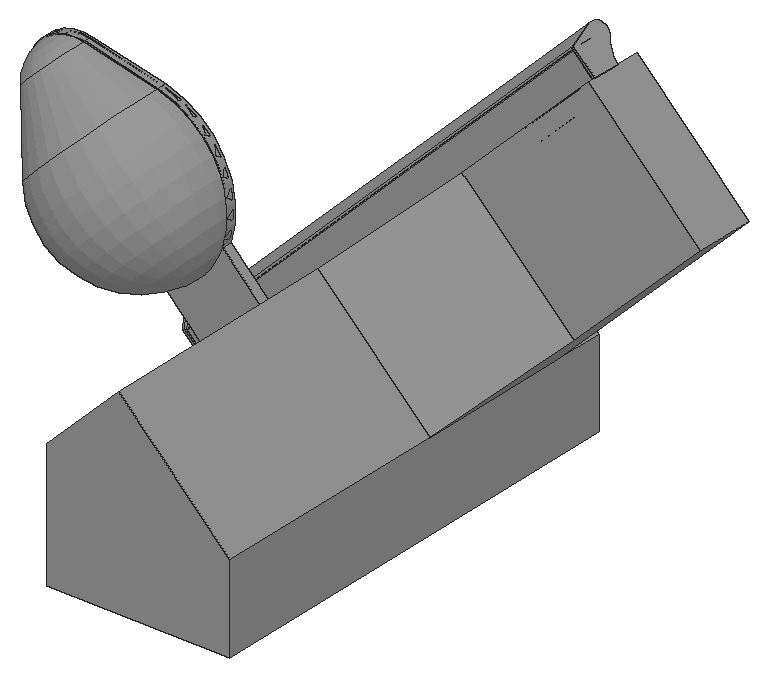
Revit family "Combination-Willoughby-ECW-1545-L-OF", category Plumbing Fixtures, Revit 2015
Parameters (values of type "Standard")
  Waste DIA [instance] = 2 3/8"
  Waste Connection = yes
  Waste-RAD [instance] = Waste DIA / 2  # 0' - 1 3/16"
  URL = "https://www.willoughby-ind.com/wp-content/uploads/2017/09/1545.pdf"
  Type Comments = ""
  Revision = "A"
  Flush Inlet Connection = yes
  Model = "ECW-1545-L-OF-1.6"
  Manufacturer = "Willoughby Industries"
  Left = yes
  Lav Waste DIA [instance] = 1 1/2"
  LAV Waste-RAD [instance] = Lav Waste DIA / 2  # 0' - 0 3/4"
  HW Connection = no
  Flush inlet DIA [instance] = 1 1/2"
  Flush Inlet-RAD [instance] = Flush inlet DIA / 2  # 0' - 0 3/4"
  Fixture Body = Stainless Steel AISI 304-Willoughby
  Description = "1545 Left Hand Orientation, Wall toilet waste outlet, Off floor mounted, 1.6 GPF"
  Default Elevation = 0' - 0"
  Contact Number = "(800) 428-4065"
  CW Connection = no
Reference planes (in)
  plane 1 "Center (Front/Back)": y = -16.25
  plane 2: z = 0
  plane 3 "Waste CL": x = 0
  plane 4 "Base": y = -16.25
  plane 5 "Seat height": y = 1.75
  plane 6 "Waste Hieght": y = -4.75
  plane 7 "Lwaste ht": y = 8
  plane 8 "flush inlet HT": y = 4.25
  plane 9 "Waste center": x = 0
  plane 10 "Fixture Height": y = 21.75
  plane 11: through (-5.56326, 0, 8.31174) normal (0.7071, 0, 0.7071)
  plane 12: through (-18.88655, 0, 21.63503) normal (0.7071, 0, 0.7071)
  plane 13: through (-11.21677, 0, 22.4617) normal (-0.7071, 0, 0.7071)
  plane 14: through (-17.12138, 0, 16.55709) normal (-0.7071, 0, 0.7071)
  plane 15: through (1.5625, 0, 6.3125) normal (0.7071, 0, -0.7071)
  plane 16: y = 16.75
  plane 17: y = 16.75
  plane 18 "Flush Inlet": x = 3.50178
  plane 19 "Center/LAV Waste": x = -1.37322
  plane 20: x = 6.12678
  plane 21: x = -8.87322
  plane 22 "Waste": x = -0.37322
Forms (in)
  Extrusion 1, solid, material "Stainless Steel AISI 304-Willoughby" <- "Fixture Body"
    sketch origin (1.68458, 10.5, 3.33616) x (-0.707107, 0, -0.707107) y (0.707107, 0, -0.707107)
      loop
        line (2.73402, -12.45225) -> (-3.39098, -12.45225) -> (-3.39098, -16.56851)
        arc (-3.39098, -16.56851) -> (-7.03711, -20.86448) -> (-6.33638, -26.45542) r 7
        line (-6.33638, -26.45542) -> (-3.2944, -31.31054)
        arc (-3.2944, -31.31054) -> (-0.32848, -32.95225) -> (2.63745, -31.31054) r 3.5
        line (2.63745, -31.31054) -> (5.67942, -26.45542)
        arc (5.67942, -26.45542) -> (6.38016, -20.86448) -> (2.73402, -16.56851) r 7
        line (2.73402, -16.56851) -> (2.73402, -12.45225)
      loop
        arc (3.91366, -24.70557) -> (-0.32848, -18.23804) -> (-4.57061, -24.70557) r 4.625
        line (-4.57061, -24.70557) -> (-2.16748, -30.23842)
        arc (-2.16748, -30.23842) -> (-0.32848, -31.45225) -> (1.51053, -30.23842) r 2
        line (1.51053, -30.23842) -> (3.91366, -24.70557)
    from 8.75 to 9.5
  Revolve 2, solid, material "Stainless Steel AISI 304-Willoughby" <- "Fixture Body", visible <- "Left"
    sketch origin (0.35963, 1.5, 6.62718) x (-0.707107, 0, -0.707107) y (0.707107, 0, -0.707107)
      loop
        line (1.06174, -12.59906) -> (1.06174, -12.84906)
        arc (1.06174, -12.84906) -> (6.96784, -16.33096) -> (6.78077, -23.18447) r 6.75
        line (6.78077, -23.18447) -> (3.81535, -27.91457)
        arc (3.81535, -27.91457) -> (2.63527, -29.03194) -> (1.06174, -29.43826) r 3.25
        line (1.06174, -29.43826) -> (1.06174, -29.68826)
        arc (1.06174, -29.68826) -> (2.75672, -29.25045) -> (4.02767, -28.04656) r 3.5
        line (4.02767, -28.04656) -> (7.06964, -23.19143)
        arc (7.06964, -23.19143) -> (7.15052, -16.14555) -> (1.06174, -12.59906) r 7
      axis (1.06174, -12.59906) -> (1.06174, -29.68826)
    angle from 0 to -180
  Extrusion 3, solid, material "Stainless Steel AISI 304-Willoughby" <- "Fixture Body"
    sketch origin (0, 21.75, -8.22682) x (1, 0, 0) y (0, 0, 1)
      loop
        line (4.35089, 8.22682) -> (4.35089, 14.86886) -> (-4.13526, 23.35501) -> (-19.26346, 8.22682) -> (4.35089, 8.22682)
    from 0 to 8
  Extrusion 4, solid, material "Stainless Steel AISI 304-Willoughby" <- "Fixture Body"
    sketch origin (-14.57379, 17.75, 0.36891) x (1, 0, 0) y (0, 0, 1)
      loop
        line (33.4941, 20.84255) -> (25.00882, 29.32784) -> (10.4394, 14.75842) -> (18.92468, 6.27313) -> (33.4941, 20.84255)
      loop
        arc (25.93339, 27.1733) -> (25.22628, 27.46619) -> (24.51917, 27.1733) r 1
        line (24.51917, 27.1733) -> (14.52755, 17.18168)
        arc (14.52755, 17.18168) -> (14.23466, 16.47457) -> (14.52755, 15.76747) r 1
        line (14.52755, 15.76747) -> (19.88229, 10.41273)
        arc (19.88229, 10.41273) -> (20.5894, 10.11984) -> (21.29651, 10.41273) r 1
        line (21.29651, 10.41273) -> (31.28812, 20.40435)
        arc (31.28812, 20.40435) -> (31.58102, 21.11145) -> (31.28812, 21.81856) r 1
        line (31.28812, 21.81856) -> (25.93339, 27.1733)
    from 0 to 4
  Extrusion 5, solid, material "Stainless Steel AISI 304-Willoughby" <- "Fixture Body"
    sketch origin (0, 15.25, 5.38846) x (1, 0, 0) y (0, 0, 1)
      loop
        line (-9.58406, -5.38846) -> (4.35089, -5.38846) -> (4.35089, 1.25359) -> (-4.13439, 9.73887) -> (-4.7227, 9.15056) -> (-9.05373, 4.81953) -> (-9.58406, 4.2892) -> (-9.58406, -5.38846)
    from 1.5 to 28.5
  Extrusion 6, solid, material "Stainless Steel AISI 304-Willoughby" <- "Fixture Body"
    sketch origin (-12.34107, 46.33187, 6.92065) x (0, 1, 0) y (0.707107, 0, 0.707107)
      loop
        line (-32.58187, 11.60599) -> (-32.58187, 32.21026) -> (-33.08187, 32.21026) -> (-34.30788, 19.96026) -> (-40.60327, 11.60599) -> (-32.58187, 11.60599)
    from 0 to 12
  Extrusion 7, solid, material "Stainless Steel AISI 304-Willoughby" <- "Fixture Body"
    sketch origin (1.14448, 0.08175, 0) x (1, 0, 0) y (0, 1, 0)
      loop
        circle (-3.29359, -4.83175) r 1.1875
    from 0 to -3
  Extrusion 8, solid, material "Stainless Steel AISI 304-Willoughby" <- "Fixture Body"
    sketch origin (0, 0, 0) x (1, 0, 0) y (0, 1, 0)
      loop
        circle (-2.61659, 8) r 0.75
    from -3 to 1
  Extrusion 9, solid, material "Stainless Steel AISI 304-Willoughby" <- "Fixture Body"
    sketch origin (-13.99064, -32.65143, -5.27282) x (0, 1, 0) y (-0.707107, 0, 0.707107)
      loop
        line (50.50143, 7.45689) -> (50.50143, 9.7067)
        arc (50.50143, 9.7067) -> (49.48517, 11.24673) -> (47.66956, 10.91802) r 1.675
        line (47.66956, 10.91802) -> (46.40143, 9.70689) -> (46.40143, 7.45689) -> (50.50143, 7.45689)
    from 0 to 0.25
  Extrusion 10, solid, material "Stainless Steel AISI 304-Willoughby" <- "Fixture Body"
    sketch origin (27.44804, -0.074, 12.33018) x (0, 1, 0) y (-0.707107, 0, 0.707107)
      loop
        arc (16.79803, 26.04907) -> (16.88129, 26.96339) -> (16.01706, 27.27326) r 0.75001
        line (16.01706, 27.27326) -> (13.87902, 26.57803) -> (13.87902, 24.31003) -> (15.99202, 24.31003)
        arc (15.99202, 24.31003) -> (16.25673, 25.24365) -> (16.79803, 26.04907) r 3.089
    from 0 to 0.25
  Sweep 11, solid, material "Stainless Steel AISI 304-Willoughby" <- "Fixture Body"
    path origin (0, 16.68413, 5.38672) x (1, 0, 0) y (0, 0, 1)
      loop
        line (8.66726, 25.72424) -> (-20.67767, -3.62069)
    profile origin (-6.0052, 16.68413, 16.4385) x (0.707107, 0, -0.707107) y (0, -1, 0)
      loop
        circle (-0.00104, 0.50913) r 0.75
  Extrusion 12, solid, material "Stainless Steel AISI 304-Willoughby" <- "Fixture Body"
    sketch origin (27.91549, -5.16123, 11.86274) x (0, 1, 0) y (-0.707107, 0, 0.707107)
      loop
        line (18.96625, 24.97233) -> (19.08525, 24.97233) -> (19.08525, 27.03833)
        arc (19.08525, 27.03833) -> (19.12186, 27.12672) -> (19.21025, 27.16333) r 0.125
        line (19.21025, 27.16333) -> (20.58525, 27.16333) -> (20.58525, 27.28233) -> (19.21025, 27.28233)
        arc (19.21025, 27.28233) -> (19.03771, 27.21086) -> (18.96625, 27.03833) r 0.244
        line (18.96625, 27.03833) -> (18.96625, 24.97233)
    from -41.49877 to 0
Cuts and joins
  joined: Extrusion 3, Extrusion 4, Extrusion 5, Extrusion 6
Lines and regions (in)
  symbolic lines
    curve 1: line (0, 21.75, -0.0055) -> (0, 21.75, 10.875)
    curve 2: line (0, 21.75, 10.875) -> (0, 17.75, 10.875)
    curve 3: line (0, 17.75, 10.875) -> (0, 17.75, 24.13325)
    curve 4: line (0, 17.75, 24.13325) -> (0, 17.47165, 26.11379)
    curve 5: arc (0, 17.47165, 26.11379) -> (0, 16.76652, 26.46196) -> (0, 16.06139, 26.11379) r 0.88812
    curve 6: line (0, 16.06139, 26.11379) -> (0, 14.75, 24.31003)
    curve 7: line (0, 14.75, 24.31003) -> (0, 13.25, 24.31003)
    curve 8: line (0, 13.25, 24.31003) -> (0, 12.02399, 15.64797)
    curve 9: line (0, 12.02399, 15.64797) -> (0, 6.9375, 10.875)
    curve 10: line (0, 6.9375, 10.875) -> (0, 1.75, 10.875)
    curve 11: line (0, 1, 6.14622) -> (0, 1.75, 6.14622)
    curve 12: line (0, 1.75, 6.14622) -> (0, 1.75, 23.83255)
    curve 13: line (0, 1.75, 23.83255) -> (0, 1, 23.83255)
    curve 14: arc (0, 1, 23.83255) -> (0, 0.03369, 23.53261) -> (0, -0.79759, 22.95581) r 3.32336
    curve 15: line (0, -0.79759, 22.95581) -> (0, -3.43907, 20.6596)
    curve 16: arc (0, -3.43907, 20.6596) -> (0, -3.96286, 20.06535) -> (0, -4.41275, 19.41336) r 6.69163
    curve 17: arc (0, -4.41275, 19.41336) -> (0, -4.96012, 18.33682) -> (0, -5.34188, 17.19104) r 8.1253
    curve 18: line (0, -5.34188, 17.19104) -> (0, -5.84188, 17.19104)
    curve 19: arc (0, -5.84188, 17.19104) -> (0, -7.27582, 16.97673) -> (0, -8.58445, 16.35255) r 4.90452
    curve 20: arc (0, -8.58445, 16.35255) -> (0, -9.23236, 15.74836) -> (0, -9.66186, 14.97353) r 2.83156
    curve 21: line (0, -9.66186, 14.97353) -> (0, -9.77082, 10.8879)
    curve 22: line (0, -9.77082, 10.8879) -> (0, -9.77082, 7.42785)
    curve 23: line (0, -9.77082, 7.42785) -> (0, 1, 7.42785)
    curve 24: line (0, 1, 7.42785) -> (0, 1, 6.14622)
    curve 25: line (0, -9.77082, 10.8879) -> (0, -16.27082, 10.8879)
    curve 26: line (0, -16.27082, 10.8879) -> (0, -16.27082, -0.0055)
    curve 27: line (0, -16.27082, -0.0055) -> (0, 21.75, -0.0055)
    curve 28: arc (0, -5.34188, 17.19104) -> (0, -4.0759, 11.51383) -> (0, 1, 8.67328) r 7.12289
    curve 29: line (0, 1, 8.67328) -> (0, 1, 7.42785)
    curve 30: line (6.12678, -16.25, 0) -> (-8.87322, -16.25, 0)
    curve 31: line (-8.87322, -16.25, 0) -> (-8.87322, -9.77082, 0)
    curve 32: line (-8.87322, -9.77082, 0) -> (-11.59947, -9.77082, 0)
    curve 33: arc (-11.59947, -9.77082, 0) -> (-12.22447, -9.67741, 0) -> (-12.79485, -9.40535, 0) r 2.13769
    curve 34: arc (-12.79485, -9.40535, 0) -> (-14.03782, -7.77969, 0) -> (-14.4279, -5.77082, 0) r 4.47871
    curve 35: line (-14.4279, -5.77082, 0) -> (-14.4279, -5.34737, 0)
    curve 36: arc (-14.4279, -5.34737, 0) -> (-16.47094, -4.53529, 0) -> (-18.16636, -3.13562, 0) r 7.07966
    curve 37: line (-18.16636, -3.13562, 0) -> (-20.15522, -0.88964, 0)
    curve 38: arc (-20.15522, -0.88964, 0) -> (-20.79515, 0.12409, 0) -> (-21.07984, 1.28862, 0) r 3.7239
    curve 39: line (-21.07984, 1.28862, 0) -> (-21.07984, 1.75, 0)
    curve 40: line (-21.07984, 1.75, 0) -> (-3.39775, 1.75, 0)
    curve 41: line (-3.39775, 1.75, 0) -> (-3.39775, 1, 0)
    curve 42: line (-3.39775, 1, 0) -> (-5.92481, 1, 0)
    curve 43: arc (-5.92481, 1, 0) -> (-6.09022, -0.07137, 0) -> (-6.44715, -1.09499, 0) r 5.95433
    curve 44: arc (-6.44715, -1.09499, 0) -> (-8.90323, -4.22095, 0) -> (-12.66013, -5.52082, 0) r 7.0489
    curve 45: arc (-12.66013, -5.52082, 0) -> (-13.54942, -5.48924, 0) -> (-14.4279, -5.34737, 0) r 7.14465
    curve 46: line (-8.87322, 1.75, 0) -> (-8.87322, 15.25, 0)
    curve 47: line (-8.87322, 15.25, 0) -> (-15.375, 15.25, 0)
    curve 48: arc (-15.375, 15.25, 0) -> (-16.875, 16.75, 0) -> (-15.375, 18.25, 0) r 1.5
    curve 49: line (-13.875, 18.25, 0) -> (-15.375, 18.25, 0)
    curve 50: line (-13.875, 21.75, 0) -> (6.125, 21.75, 0)
    curve 51: line (6.125, 21.75, 0) -> (6.125, 17.75, 0)
    curve 52: line (6.125, 17.75, 0) -> (18.92031, 17.75, 0)
    curve 53: line (18.92031, 17.75, 0) -> (18.92031, 13.25, 0)
    curve 54: line (18.92031, 13.25, 0) -> (10.25825, 12.02399, 0)
    curve 55: line (10.25825, 12.02399, 0) -> (6.12678, 7.62114, 0)
    curve 56: line (6.12678, 7.62114, 0) -> (6.12678, -16.25, 0)
    curve 57: line (-13.875, 18.25, 0) -> (-13.875, 21.75, 0)
    curve 58: line (6.12678, -16.25, 0) -> (-8.87322, -16.25, 0)
    curve 59: line (-8.87322, -9.77082, 0) -> (-11.59947, -9.77082, 0)
    curve 60: line (-14.4279, -5.77082, 0) -> (-14.4279, -5.34737, 0)
Dimensions and locks (in)
  plane 5 "Seat height" to plane 4 "Base" = 1' - 6"  (x2)
  locked: Extrusion 1 to Extrusion 1 at 0.75
  plane 6 "Waste Hieght" to plane 4 "Base" = 0' - 11 1/2"
  plane 7 "Lwaste ht" to plane 4 "Base" = 2' - 0 1/4"
  plane 8 "flush inlet HT" to plane 4 "Base" = 1' - 8 1/2"
  locked: plane 5 "Seat height" to Revolve 2 at 0.25
  plane 21 to plane 20 = 1' - 3"
  plane 18 "Flush Inlet" to plane 20 = 0' - 2 5/8"  (x2)
  plane 19 "Center/LAV Waste" to plane 20 = 0' - 7 1/2"
  plane 19 "Center/LAV Waste" to plane 18 "Flush Inlet" = 0' - 4 7/8"
  plane 22 "Waste" to plane 20 = 0' - 6 1/2"
  cut or joined group of Extrusion 3, Extrusion 4, Extrusion 5, Extrusion 6 to plane 4 "Base" = 2' - 10"
  plane 10 "Fixture Height" to plane 4 "Base" = 3' - 2"
  "Waste-RAD": radius of Extrusion 7 sketch curve
  "LAV Waste-RAD": radius of Extrusion 8 sketch curve
  aligned and locked: Extrusion 1 to plane 5 "Seat height"
  aligned and locked: plane 3 "Waste CL" to plane 9 "Waste center"
  aligned and locked: plane 12 to plane 11
  aligned and locked: plane 14 to plane 13
  aligned and locked: plane 7 "Lwaste ht" to Extrusion 8 sketch curve
  aligned and locked: plane 6 "Waste Hieght" to Extrusion 7 sketch curve
  aligned and locked: Extrusion 3 to Extrusion 5  (x2)
  aligned and locked: Extrusion 4 to Extrusion 3
  aligned and locked: Extrusion 7 to Extrusion 8
Automatic sketch dimensions
  Revolve 2 sketch curve to Revolve 2 sketch curve = 0' - 0"  (x6)
  Revolve 2 sketch curve to Revolve 2 sketch curve = 0' - 0.21232"
  Revolve 2 sketch curve to Revolve 2 sketch curve = 0' - 2.96542"
  Revolve 2 sketch curve to Revolve 2 sketch curve = 0' - 0.28887"
  Revolve 2 sketch curve to plane 3 "Waste CL" = 1' - 9.38391"
  Revolve 2 sketch curve to Revolve 2 sketch curve = 0' - 0 1/4"
  Revolve 2 sketch curve to Revolve 2 sketch curve = 0' - 1.3917"
  Revolve 2 sketch curve to Revolve 2 sketch curve = 0' - 0.13199"
  Revolve 2 sketch curve to Revolve 2 sketch curve = 0' - 4.85513"
  Revolve 2 sketch curve to Revolve 2 sketch curve = 0' - 0.00696"
  Revolve 2 sketch curve to Revolve 2 sketch curve = 0' - 3 1/4"
  Revolve 2 sketch curve to Revolve 2 sketch curve = 0' - 3.3392"
  Revolve 2 sketch curve to Revolve 2 sketch curve = 0' - 2.4108"
  Extrusion 4 sketch curve to plane 3 "Waste CL" = 0' - 4.13439"
  Extrusion 4 sketch curve to plane 3 "Waste CL" = 0' - 0.04623"  (x2)
  plane 3 "Waste CL" to Extrusion 4 sketch curve = 0' - 0.66087"
  plane 3 "Waste CL" to Extrusion 4 sketch curve = 0' - 5.3085"
  level to Extrusion 4 sketch curve = 0' - 6.64205"
  Extrusion 4 sketch curve to Extrusion 4 sketch curve = 0' - 0.95761"
  Extrusion 4 sketch curve to Extrusion 4 sketch curve = 0' - 0.70711"  (x10)
  plane 3 "Waste CL" to Extrusion 4 sketch curve = 0' - 9.94538"
  Extrusion 4 sketch curve to Extrusion 4 sketch curve = 0' - 0.92457"
  Extrusion 4 sketch curve to Extrusion 4 sketch curve = 0' - 2.91308"
  Extrusion 4 sketch curve to Extrusion 4 sketch curve = 0' - 4.1396"
  Extrusion 4 sketch curve to Extrusion 4 sketch curve = 0' - 5.35474"
  Extrusion 4 sketch curve to Extrusion 4 sketch curve = 0' - 1.00905"
  Extrusion 4 sketch curve to Extrusion 4 sketch curve = 0' - 0.43821"
  Extrusion 4 sketch curve to Extrusion 4 sketch curve = 0' - 2.86164"
  level to Revolve 2 sketch curve = 2' - 0.39432"
  Revolve 2 sketch curve to plane 3 "Waste CL" = 1' - 6.90903"
  Extrusion 6 sketch curve to plane 1 "Center (Front/Back)" = 1' - 9.97859"
  Extrusion 6 sketch curve to Extrusion 6 sketch curve = 0' - 1.22601"
  Extrusion 6 sketch curve to Extrusion 6 sketch curve = 0' - 0 1/2"
  Extrusion 6 sketch curve to Extrusion 6 sketch curve = 1' - 0 1/4"
  Extrusion 6 sketch curve to Extrusion 6 sketch curve = 0' - 6.2954"
  Extrusion 6 sketch curve to Extrusion 6 sketch curve = 0' - 8.35427"
  plane 11 to Extrusion 6 sketch curve = 0' - 5.82971"
  curve 12 to plane 5 "Seat height" = 0' - 0"
  curve 2 to plane 10 "Fixture Height" = 0' - 0"
  plane 5 "Seat height" to curve 28 = 0' - 0.11267"
  plane 5 "Seat height" to curve 14 = 0' - 0.25945"
  curve 16 to curve 28 = 0' - 0.32711"
  curve 13 to curve 12 = 0' - 0 3/4"
  plane 5 "Seat height" to curve 23 = 0' - 0 3/4"
  curve 15 to curve 13 = 0' - 1.79759"
  plane 6 "Waste Hieght" to curve 15 = 0' - 1.31093"
  curve 18 to plane 6 "Waste Hieght" = 0' - 0.59188"
  curve 18 to curve 17 = 0' - 0 1/2"
  curve 20 to curve 19 = 0' - 1.15918"
  curve 21 to curve 20 = 0' - 2.6608"
  curve 21 to curve 20 = 0' - 0.10895"
  plane 1 "Center (Front/Back)" to curve 25 = 0' - 0.02082"
  curve 17 to plane 5 "Seat height" = 0' - 0.78635"
  curve 9 to plane 7 "Lwaste ht" = 0' - 1 1/16"
  plane 7 "Lwaste ht" to curve 8 = 0' - 4.02399"
  curve 7 to plane 16 = 0' - 3 1/2"
  curve 7 to curve 6 = 0' - 1 1/2"
  curve 6 to plane 16 = 0' - 0.68861"
  plane 16 to curve 5 = 0' - 0.01652"
  plane 16 to curve 4 = 0' - 0.72165"
  plane 16 to curve 3 = 0' - 1"
  curve 27 to level = 0' - 0.0055"
  level to curve 24 = 0' - 6.14622"
  level to curve 23 = 0' - 7.42785"
  level to curve 2 = 0' - 10 7/8"
  curve 23 to curve 9 = 0' - 3.44715"
  curve 22 to curve 21 = 0' - 3.46005"
  curve 21 to curve 19 = 0' - 1.39862"
  curve 19 to curve 20 = 0' - 1.71856"
  curve 20 to curve 21 = 0' - 0.96845"
  curve 10 to curve 17 = 0' - 4.3276"
  curve 9 to curve 8 = 0' - 4.77297"
  curve 17 to curve 28 = 0' - 0.565"
  curve 28 to curve 16 = 0' - 0.17797"
  curve 20 to curve 18 = 0' - 0.83849"
  curve 16 to curve 14 = 0' - 4.60003"
  curve 17 to curve 15 = 0' - 1.24625"
  curve 14 to curve 15 = 0' - 2.41021"
  curve 8 to curve 4 = 0' - 8.48528"
  curve 3 to curve 7 = 0' - 0.17678"
  curve 3 to curve 5 = 0' - 1.44058"
  curve 5 to curve 4 = 0' - 0.53995"
  plane 5 "Seat height" to curve 40 = 0' - 0"
  curve 48 to plane 16 = 0' - 0"
  curve 57 to plane 10 "Fixture Height" = 0' - 0"
  plane 1 "Center (Front/Back)" to curve 58 = 0' - 0"
  curve 58 to plane 21 = 0' - 0"
  curve 46 to plane 21 = 0' - 0"
  curve 55 to plane 20 = 0' - 0"
  plane 21 to curve 34 = 0' - 1.07932"
  plane 21 to curve 59 = 0' - 2.72625"
  plane 5 "Seat height" to curve 43 = 0' - 0.38089"
  plane 21 to curve 43 = 0' - 2.99446"
  plane 5 "Seat height" to curve 45 = 0' - 0.12873"
  curve 45 to curve 43 = 0' - 0.98408"
  curve 36 to curve 45 = 0' - 0.01434"
  curve 44 to curve 36 = 0' - 0.12686"
  plane 16 to curve 57 = 0' - 1 1/2"
  plane 21 to curve 57 = 0' - 5.00178"
  curve 35 to plane 6 "Waste Hieght" = 0' - 0.59737"
  curve 35 to curve 33 = 0' - 2.82843"
  curve 49 to curve 49 = 0' - 1 1/2"
  plane 5 "Seat height" to curve 38 = 0' - 0.17087"
  curve 38 to curve 44 = 0' - 4.37433"
  plane 6 "Waste Hieght" to curve 37 = 0' - 1.61438"
  plane 5 "Seat height" to curve 37 = 0' - 2.63964"
  curve 37 to curve 36 = 0' - 1.98886"
  plane 5 "Seat height" to curve 39 = 0' - 0.46138"
  plane 5 "Seat height" to curve 42 = 0' - 0 3/4"
  curve 42 to plane 21 = 0' - 2.94841"
  plane 19 "Center/LAV Waste" to curve 41 = 0' - 2.02453"
  plane 20 to curve 51 = 0' - 0.00178"
  curve 55 to plane 20 = 0' - 4.13147"
  plane 16 to curve 53 = 0' - 1"
  curve 54 to curve 53 = 0' - 8.66206"
  curve 31 to plane 6 "Waste Hieght" = 0' - 5.02082"
  curve 33 to curve 33 = 0' - 2.13769"
  curve 33 to curve 34 = 0' - 1.68901"
  curve 35 to curve 45 = 0' - 0.42345"
  curve 44 to curve 36 = 0' - 0.03766"
  curve 56 to plane 7 "Lwaste ht" = 0' - 0.37886"
  plane 7 "Lwaste ht" to curve 54 = 0' - 4.02399"
  curve 53 to plane 16 = 0' - 3 1/2"
  curve 45 to plane 6 "Waste Hieght" = 0' - 0.77082"
  Extrusion 3 sketch curve to level = 0' - 0"
  plane 21 to Extrusion 3 sketch curve = 0' - 10.39024"
  plane 19 "Center/LAV Waste" to Extrusion 3 sketch curve = 0' - 2.76204"
  level to Extrusion 3 sketch curve = 1' - 3.1282"
  plane 20 to Extrusion 3 sketch curve = 0' - 1.77589"
  Extrusion 9 sketch curve to plane 10 "Fixture Height" = 0' - 8"
  Extrusion 9 sketch curve to plane 10 "Fixture Height" = 0' - 6.73186"
  Extrusion 9 sketch curve to Extrusion 9 sketch curve = 0' - 1.15686"
  Extrusion 9 sketch curve to Extrusion 9 sketch curve = 0' - 1.675"
  Extrusion 9 sketch curve to plane 13 = 0' - 10.19295"
  Extrusion 9 sketch curve to Extrusion 9 sketch curve = 0' - 2.24981"
  Extrusion 9 sketch curve to Extrusion 9 sketch curve = 0' - 1.21113"
  Extrusion 10 sketch curve to plane 10 "Fixture Height" = 0' - 7.94498"
  Extrusion 10 sketch curve to plane 10 "Fixture Height" = 0' - 5.83198"
  Extrusion 10 sketch curve to plane 10 "Fixture Height" = 0' - 5.80694"
  Extrusion 10 sketch curve to Extrusion 10 sketch curve = 0' - 0.23193"
  Extrusion 10 sketch curve to Extrusion 10 sketch curve = 0' - 3.06732"
  Extrusion 10 sketch curve to plane 13 = 0' - 10.55953"
  Extrusion 10 sketch curve to Extrusion 10 sketch curve = 0' - 0.36534"
  Extrusion 10 sketch curve to Extrusion 10 sketch curve = 0' - 2 1/4"
  Extrusion 10 sketch curve to Extrusion 10 sketch curve = 0' - 2.268"
  Extrusion 10 sketch curve to Extrusion 10 sketch curve = 0' - 0.71325"
  plane 21 to Sweep 11 sketch curve = 0' - 11.80445"
  level to Sweep 11 sketch curve = 0' - 1.76603"
  Sweep 11 sketch curve to plane 21 = 1' - 5.54048"
  Sweep 11 sketch curve to Sweep 11 sketch curve = 2' - 5.34493"
  profile plane to Sweep 11 sketch curve = 0' - 0.00104"
  profile plane to Sweep 11 sketch curve = 0' - 0.50913"
  Extrusion 12 sketch curve to Extrusion 12 sketch curve = 0' - 0"  (x2)
  Extrusion 12 sketch curve to plane 10 "Fixture Height" = 0' - 7.94498"
  Extrusion 12 sketch curve to Extrusion 12 sketch curve = 0' - 0.119"
  Extrusion 12 sketch curve to Extrusion 12 sketch curve = 0' - 0 1/8"
  Extrusion 12 sketch curve to plane 10 "Fixture Height" = 0' - 6.32598"
  Extrusion 12 sketch curve to plane 13 = 0' - 10.19295"
  Extrusion 12 sketch curve to Extrusion 12 sketch curve = 0' - 2.066"
  Extrusion 1 sketch curve to Extrusion 1 sketch curve = 0' - 0"  (x6)
  plane 13 to Extrusion 1 sketch curve = 0' - 3.80899"
  plane 11 to Extrusion 1 sketch curve = 0' - 7.94311"
  plane 13 to Extrusion 1 sketch curve = 0' - 2.05914"
  Extrusion 1 sketch curve to Extrusion 1 sketch curve = 0' - 1.76576"
  plane 11 to Extrusion 1 sketch curve = 0' - 4.99771"
  Extrusion 1 sketch curve to Extrusion 1 sketch curve = 0' - 3.04197"
  Extrusion 1 sketch curve to Extrusion 1 sketch curve = 0' - 1.12693"
  Extrusion 1 sketch curve to Extrusion 1 sketch curve = 0' - 1.839"
  plane 13 to Extrusion 1 sketch curve = 0' - 0.21661"
  plane 11 to Extrusion 1 sketch curve = 0' - 1.93521"
  plane 11 to Extrusion 1 sketch curve = 0' - 0.09621"
  Extrusion 1 sketch curve to plane 11 = 0' - 1.03072"
  Extrusion 1 sketch curve to plane 11 = 0' - 1.12729"
  Extrusion 1 sketch curve to plane 11 = 0' - 2.30692"
  Extrusion 1 sketch curve to plane 11 = 0' - 4.07269"
  Extrusion 1 sketch curve to Extrusion 1 sketch curve = 0' - 1.74985"
  Extrusion 1 sketch curve to Extrusion 1 sketch curve = 0' - 4.74668"
  Extrusion 1 sketch curve to Extrusion 1 sketch curve = 0' - 0.78617"
  Extrusion 1 sketch curve to Extrusion 1 sketch curve = 0' - 1.07212"
  Extrusion 1 sketch curve to Extrusion 1 sketch curve = 0' - 4.11627"
  Extrusion 5 sketch curve to level = 0' - 0"
  plane 21 to Extrusion 5 sketch curve = 0' - 0.71084"
  plane 21 to Extrusion 5 sketch curve = 0' - 0.18051"
  plane 19 "Center/LAV Waste" to Extrusion 5 sketch curve = 0' - 3.34948"
  Extrusion 5 sketch curve to Extrusion 5 sketch curve = 0' - 0.58831"
  plane 18 "Flush Inlet" to Extrusion 5 sketch curve = 0' - 0.84911"
  Extrusion 5 sketch curve to Extrusion 5 sketch curve = 0' - 6.64205"
  Extrusion 5 sketch curve to Extrusion 5 sketch curve = 0' - 9.67766"
  Extrusion 5 sketch curve to Extrusion 5 sketch curve = 0' - 0.53033"
  Extrusion 5 sketch curve to Extrusion 5 sketch curve = 0' - 4.33103"
  plane 22 "Waste" to Extrusion 7 sketch curve = 0' - 1.77589"
  plane 19 "Center/LAV Waste" to Extrusion 8 sketch curve = 0' - 1.24337"
  radius of Sweep 11 sketch curve = 0' - 0 3/4"
Connectors (in)
  piping at (-2.14911, -4.75, -3), diameter 2.375, driven by "Waste-RAD", driven by "Waste Connection"
    settings: on Extrusion 7, index 1, connector inside diameter 2 1/4", connector length 0' - 0", flow factor 0, pipe flow 1.6 GPM, pressure drop 0.00 psi, fitting loss kfactor 0, connector angle 0.00°, fixture units 0, engagement length 0' - 0", angle of deflection 0.00°, flow configuration 0, flow direction 2, fitting loss method 0, system type 16, joint type 0, gender type 0, connector reference index -1, connector utility 1, adjustable connector yes, is connector primary yes, connector description "Toilet Waste"
  piping at (-2.14911, -4.75, -3), diameter 2.375, driven by "Waste-RAD", driven by "Waste Connection"
    settings: on Extrusion 7, index 6, connector inside diameter 24", connector length 0' - 0", flow factor 0, pipe flow 1.28 GPM, pressure drop 0.00 psi, fitting loss kfactor 0, connector angle 0.00°, fixture units 0, engagement length 0' - 0", angle of deflection 0.00°, flow configuration 0, flow direction 2, fitting loss method 0, system type 16, joint type 0, gender type 0, connector reference index -1, connector utility 1, adjustable connector no, is connector primary no, connector description "Toilet Waste"
  piping at (-2.61659, 8, -3), diameter 1.5, driven by "LAV Waste-RAD"
    settings: on Extrusion 8, index 8, connector inside diameter 24", connector length 0' - 0", flow factor 0, pipe flow 0 GPM, pressure drop 0.00 psi, fitting loss kfactor 0, connector angle 0.00°, fixture units 0, engagement length 0' - 0", angle of deflection 0.00°, flow configuration 0, flow direction 0, fitting loss method 0, system type 7, joint type 0, gender type 0, connector reference index -1, connector utility 0, adjustable connector no, is connector primary no, connector description ""
